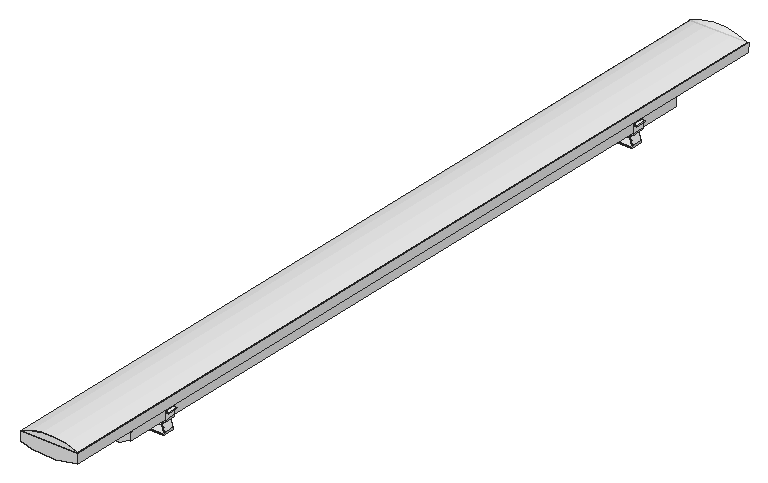
Revit family "Lighting-Industriale-GEWISS-SMART[3]PLUS-HLO-PLAFONIERA-LED_TRANSPARENTE_1600mm", category Apparecchi per illuminazione, host Superficie, Revit 2019
Family settings
  Host = Superficie
  Quota connettore circolare = Usa diametro
  Tipo di parte = Normale
  Taglio con vuoti quando caricato = No
  Sorgente d'illuminazione = Sì
  Condiviso = No
  Punto di calcolo locali = No
Parameters (values of type "GWS3323BT957 - SMART3 PLUS 1600 T.W.DALI HO TRASP 9 57")
  Wattage = 27 W
  Visibilità simbolo [instance] = yes
  Visibilità pianta [instance] = not(Visibilità simbolo)  # no
  Visibilità etichetta [instance] = yes
  Versione file RFA = "20.0"
  Variazione temperatura colore lampada con luminosità attenuata = (empty or 0)
  URL = "https://www.gewiss.com/it/it"
  Tipologia sorgente luminosa = "LED - Non sostituibile"
  Tipologia = "DALI"
  Tipo alimentatore = ""
  Tensione = "220-240 V "
  Temperatura di utilizzo = "-25 +45 °C"
  Temperatura di funzionamento = "-25 +45 °C"
  Temperatura di colore: = "5700 K (CRI > 90)"
  Temperatura di colore = "5700 K (CRI > 90)"
  Schermo = "Trasparente"
  Scheda Tecnica = "https://www.gewiss.com/it/it/search?q=GWS3323BT957"
  SEO = "Plafoniera"
  Resistenza agli urti = "IK08"
  Potenza di sistema = "63 W"
  Peso (kg): = ""
  NÂ° LED (#) = ""
  Numero poli = 2
  built-in parameter 1150107 = 5700 (stored number, unit not read)
  Struttura = GRIGIO
  Stampa 1_200 = no
  Stampa 1_100 = not(Stampa 1_200)  # yes
  Spostamento_Y_etichetta [instance] = 0 mm
  Spostamento_Y_effettivo_etichetta [instance] = 1500 mm - Spostamento_Y_etichetta  # 1500 mm
  Spostamento_X_etichetta [instance] = 0 mm
  Spostamento_X_effettivo_etichetta [instance] = 1500 mm - Spostamento_X_etichetta  # 1500 mm
  Schermo. = Led Acceso
  Default Elevation = 1219.2 mm
  Produttore = "GEWISS S.p.A."
  built-in parameter 1150110 = 1 (stored number, unit not read)
  built-in parameter 1150109 = 1 (stored number, unit not read)
  built-in parameter 1114218 = 1 (stored number, unit not read)
  built-in parameter 1150112 = 1 (stored number, unit not read)
  Modello = "GWS3323BT957"
  built-in parameter 1150137 = (empty or 0)
  built-in parameter 1150132 = (empty or 0)
  Lunghezza Lampada = 1600 mm  # constant formula
  Lunghezza = "1600 mm"
  Lumen output (lm) = "7400"
  Lampada: = "LED"
  Lampada = "LED"
  LED LifeTime (L80B20) = ""
  LED Life time (L90B50) = ""
  LED Life time (L80B50) = ""
  LED Life time (L70) = ""
  built-in parameter 1150105 = 1406.7 (stored number, unit not read)
  built-in parameter 1150102 = (empty or 0)
  Type Image = GWS3280TS.jpg
  built-in parameter 1150106 = 14.067 (stored number, unit not read)
  IFC.TypeObject = ""
  IFC.ExportType = ""
  IFC.ExportAs = ""
  IDT = "a13ebeb2-bfa1-469e-9c7f-0ca841da0dbd"
  IDF = "7ec288e1-885b-4a9d-ba83-87dd9d071491"
  Grado di protezione = "IP66/IP69"
  Glow Wire Test = "850°C"
  Garanzia = "5 anni"
  Ganci = Alluminio
  Flusso nominale (lm) = ""
  Lumens = 4010.63 lm
  Color Filter = 16777215
  File diagramma fotometrico = "GWS3323BT957.IES"
  built-in parameter 1114217 = 1 (stored number, unit not read)
  built-in parameter 1150139 = (empty or 0)
  Failure rate apparecchio (50.000h, Tq=25Â° C) = ""
  Failure rate apparecchio (35.000h, Tq=35Â° C) = ""
  Emetti da lunghezza linea = 1200 mm
  built-in parameter 1150104 = 13.8 (stored number, unit not read)
  built-in parameter 1150115 = 1 (stored number, unit not read)
  built-in parameter 1150114 = 1 (stored number, unit not read)
  built-in parameter 1150113 = 1 (stored number, unit not read)
  Descrizione = "SMART3 PLUS 1600 T.W.DALI HO TRASP 9 57"
  Creato da GEWISS S.p.A. = ""
  Commenti sul wattaggio = "67W"
  built-in parameter 1150134 = (empty or 0)
  built-in parameter 1150138 = (empty or 0)
  Codice Electrocod = "2434"
  Codice EAN = ""
  Classe isolamento = "II"
  Classe di efficienza LED integrati = "A ÷ A++"
  Catalogo Serie = "SMART[3] PLUS HLO"
  Catalogo = "LIGHTING"
  Carico apparente = 67 VA
  COBie.Tagnumber = ""
  COBie.CreatedOn = ""
  COBie.CreatebBy = ""
  COBie.ComponentRegisterItemID = ""
  COBie.Component.TagNumber = ""
  COBie.Component.Space = ""
  COBie.Component.SerialNumber = ""
  COBie.Component.InstallationDate = ""
  COBie.Component.Description = ""
  COBie.Component.BarCode = ""
  Applicazione = "Interno"
  Apparecchio a ridotta temperatura superficiale = ""
  Tilt Angle = -90.00°
  built-in parameter 1150133 = 10 (stored number, unit not read)
Types (24, lengths in mm): name | Tipologia | Temperatura di utilizzo | Temperatura di funzionamento | Temperatura di colore: | Temperatura di colore | Scheda Tecnica | Potenza di sistema | Modello | Lumen output (lm) | Type Image | IDT | File diagramma fotometrico | Descrizione | Commenti sul wattaggio | Carico apparente
  GWS3320BT830 - SMART3 PLUS 1600 ON/OFF HO TRASP 8 30 | "" | "-25 +50 °C" | "-25 +50 °C" | "3000 K (CRI > 80)" | "3000 K (CRI > 80)" | "https://www.gewiss.com/it/it/search?q=GWS3320BT830" | "61 W" | "GWS3320BT830" | "8900" | GWS3158T.jpg | "b0079b79-8369-4f9f-8fe4-9debebf9660d" | "GWS3320BT830.IES" | "SMART3 PLUS 1600 ON/OFF HO TRASP 8 30" | "26W" | 26 VA
  GWS3320BT840 - SMART3 PLUS 1600 ON/OFF HO TRASP 8 40 | "" | "-25 +50 °C" | "-25 +50 °C" | "4000 K (CRI > 80)" | "4000 K (CRI > 80)" | "https://www.gewiss.com/it/it/search?q=GWS3320BT840" | "61 W" | "GWS3320BT840" | "9400" | GWS3158T30K.jpg | "9a1851db-f1a1-4438-9c92-f8493db26ec9" | "GWS3320BT840.IES" | "SMART3 PLUS 1600 ON/OFF HO TRASP 8 40" | "26W" | 26 VA
  GWS3320BT857 - SMART3 PLUS 1600 ON/OFF HO TRASP 8 57 | "" | "-25 +50 °C" | "-25 +50 °C" | "5700 K (CRI > 80)" | "5700 K (CRI > 80)" | "https://www.gewiss.com/it/it/search?q=GWS3320BT857" | "61 W" | "GWS3320BT857" | "9400" | GWS3158T57K.jpg | "eeec67c0-60ce-4958-8122-911c53fbb5b5" | "GWS3320BT857.IES" | "SMART3 PLUS 1600 ON/OFF HO TRASP 8 57" | "26W" | 26 VA
  GWS3321BT940 - SMART3 PLUS 1600 DALI HO TRASP 9 40 | "DALI" | "-25 +45 °C" | "-25 +45 °C" | "4000 K (CRI > 90)" | "4000 K (CRI > 90)" | "https://www.gewiss.com/it/it/search?q=GWS3321BT940" | "63 W" | "GWS3321BT940" | "7400" | GWS3258T.jpg | "dc402284-1089-4e5e-8c85-030915ce9a18" | "GWS3321BT940.IES" | "SMART3 PLUS 1600 DALI HO TRASP 9 40" | "53W" | 53 VA
  GWS3321BT957 - SMART3 PLUS 1600 DALI HO TRASP 9 57 | "DALI" | "-25 +45 °C" | "-25 +45 °C" | "5700 K (CRI > 90)" | "5700 K (CRI > 90)" | "https://www.gewiss.com/it/it/search?q=GWS3321BT957" | "63 W" | "GWS3321BT957" | "7400" | GWS3258T30K.jpg | "b2e9265e-dba8-49a6-97f4-35930fb1e4e2" | "GWS3321BT957.IES" | "SMART3 PLUS 1600 DALI HO TRASP 9 57" | "53W" | 53 VA
  GWS3322BT830 - SMART3 PLUS 1600 T.W.ON/OFF HO TRASP 8 30 | "" | "-25 +50 °C" | "-25 +50 °C" | "3000 K (CRI > 80)" | "3000 K (CRI > 80)" | "https://www.gewiss.com/it/it/search?q=GWS3322BT830" | "61 W" | "GWS3322BT830" | "8900" | GWS3258T57K.jpg | "53b88d0c-b9c7-4cee-9777-43a48b75f0e0" | "GWS3322BT830.IES" | "SMART3 PLUS 1600 T.W.ON/OFF HO TRASP 8 30" | "53W" | 53 VA
  GWS3320BT930 - SMART3 PLUS 1600 ON/OFF HO TRASP 9 30 | "" | "-25 +50 °C" | "-25 +50 °C" | "3000 K (CRI > 90)" | "3000 K (CRI > 90)" | "https://www.gewiss.com/it/it/search?q=GWS3320BT930" | "61 W" | "GWS3320BT930" | "6900" | GWS3158TD30K.jpg | "ed9650e8-c4f8-43a1-8004-49554582e09b" | "GWS3320BT930.IES" | "SMART3 PLUS 1600 ON/OFF HO TRASP 9 30" | "27W" | 27 VA
  GWS3320BT940 - SMART3 PLUS 1600 ON/OFF HO TRASP 9 40 | "" | "-25 +50 °C" | "-25 +50 °C" | "4000 K (CRI > 90)" | "4000 K (CRI > 90)" | "https://www.gewiss.com/it/it/search?q=GWS3320BT940" | "61 W" | "GWS3320BT940" | "7400" | GWS3158TD57K.jpg | "bb0d3ce6-48a2-4b6e-8f45-e92641206c3c" | "GWS3320BT940.IES" | "SMART3 PLUS 1600 ON/OFF HO TRASP 9 40" | "27W" | 27 VA
  GWS3320BT957 - SMART3 PLUS 1600 ON/OFF HO TRASP 9 57 | "" | "-25 +50 °C" | "-25 +50 °C" | "5700 K (CRI > 90)" | "5700 K (CRI > 90)" | "https://www.gewiss.com/it/it/search?q=GWS3320BT957" | "61 W" | "GWS3320BT957" | "7400" | GWS3158TL.jpg | "9f6c2e94-0dd2-4fe7-9189-a0146461a8bf" | "GWS3320BT957.IES" | "SMART3 PLUS 1600 ON/OFF HO TRASP 9 57" | "26W" | 26 VA
  GWS3321BT830 - SMART3 PLUS 1600 DALI HO TRASP 8 30 | "DALI" | "-25 +45 °C" | "-25 +45 °C" | "3000 K (CRI > 80)" | "3000 K (CRI > 80)" | "https://www.gewiss.com/it/it/search?q=GWS3321BT830" | "63 W" | "GWS3321BT830" | "8900" | GWS3158TL30K.jpg | "11cfab41-be45-4c4c-8f75-fb04ec9b0791" | "GWS3321BT830.IES" | "SMART3 PLUS 1600 DALI HO TRASP 8 30" | "26W" | 26 VA
  GWS3321BT840 - SMART3 PLUS 1600 DALI HO TRASP 8 40 | "DALI" | "-25 +45 °C" | "-25 +45 °C" | "4000 K (CRI > 80)" | "4000 K (CRI > 80)" | "https://www.gewiss.com/it/it/search?q=GWS3321BT840" | "63 W" | "GWS3321BT840" | "9400" | GWS3158TL57K.jpg | "1a4c49c0-1724-4dfe-be99-e3bbbc972556" | "GWS3321BT840.IES" | "SMART3 PLUS 1600 DALI HO TRASP 8 40" | "26W" | 26 VA
  GWS3321BT857 - SMART3 PLUS 1600 DALI HO TRASP 8 57 | "DALI" | "-25 +45 °C" | "-25 +45 °C" | "5700 K (CRI > 80)" | "5700 K (CRI > 80)" | "https://www.gewiss.com/it/it/search?q=GWS3321BT857" | "63 W" | "GWS3321BT857" | "9400" | GWS3158TLD30K.jpg | "f268c210-ca57-4ba1-bfb6-efa02569eca4" | "GWS3321BT857.IES" | "SMART3 PLUS 1600 DALI HO TRASP 8 57" | "27W" | 27 VA
  GWS3321BT930 - SMART3 PLUS 1600 DALI HO TRASP 9 30 | "DALI" | "-25 +45 °C" | "-25 +45 °C" | "3000 K (CRI > 90)" | "3000 K (CRI > 90)" | "https://www.gewiss.com/it/it/search?q=GWS3321BT930" | "63 W" | "GWS3321BT930" | "6900" | GWS3158TLD57K.jpg | "94f77843-f845-4848-bb1d-f4fa44f382e0" | "GWS3321BT930.IES" | "SMART3 PLUS 1600 DALI HO TRASP 9 30" | "27W" | 27 VA
  GWS3322BT840 - SMART3 PLUS 1600 T.W.ON/OFF HO TRASP 8 40 | "" | "-25 +50 °C" | "-25 +50 °C" | "4000 K (CRI > 80)" | "4000 K (CRI > 80)" | "https://www.gewiss.com/it/it/search?q=GWS3322BT840" | "61 W" | "GWS3322BT840" | "9400" | GWS3258TD.jpg | "c6ab74c4-55ed-4fa7-b23a-1e63dab77edf" | "GWS3322BT840.IES" | "SMART3 PLUS 1600 T.W.ON/OFF HO TRASP 8 40" | "55W" | 55 VA
  GWS3322BT857 - SMART3 PLUS 1600 T.W.ON/OFF HO TRASP 8 57 | "" | "-25 +50 °C" | "-25 +50 °C" | "5700 K (CRI > 80)" | "5700 K (CRI > 80)" | "https://www.gewiss.com/it/it/search?q=GWS3322BT857" | "61 W" | "GWS3322BT857" | "9400" | GWS3258T30K.jpg | "3fca0ca6-b59a-4e01-bd8a-934825641baa" | "GWS3322BT857.IES" | "SMART3 PLUS 1600 T.W.ON/OFF HO TRASP 8 57" | "55W" | 55 VA
  GWS3322BT930 - SMART3 PLUS 1600 T.W.ON/OFF HO TRASP 9 30 | "" | "-25 +50 °C" | "-25 +50 °C" | "3000 K (CRI > 90)" | "3000 K (CRI > 90)" | "https://www.gewiss.com/it/it/search?q=GWS3322BT930" | "61 W" | "GWS3322BT930" | "6900" | GWS3258TD57K.jpg | "dd6e494e-26b2-4e72-b5b8-859184e14134" | "GWS3322BT930.IES" | "SMART3 PLUS 1600 T.W.ON/OFF HO TRASP 9 30" | "55W" | 55 VA
  GWS3322BT940 - SMART3 PLUS 1600 T.W.ON/OFF HO TRASP 9 40 | "" | "-25 +50 °C" | "-25 +50 °C" | "4000 K (CRI > 90)" | "4000 K (CRI > 90)" | "https://www.gewiss.com/it/it/search?q=GWS3322BT940" | "61 W" | "GWS3322BT940" | "7400" | GWS3258TL.jpg | "3254678e-5380-4d1c-930b-c5806fa3b8b9" | "GWS3322BT940.IES" | "SMART3 PLUS 1600 T.W.ON/OFF HO TRASP 9 40" | "53W" | 53 VA
  GWS3322BT957 - SMART3 PLUS 1600 T.W.ON/OFF HO TRASP 9 57 | "" | "-25 +50 °C" | "-25 +50 °C" | "5700 K (CRI > 90)" | "5700 K (CRI > 90)" | "https://www.gewiss.com/it/it/search?q=GWS3322BT957" | "61 W" | "GWS3322BT957" | "7400" | GWS3258TL30K.jpg | "9f16eb00-b215-4a4f-a3a2-428ba3106904" | "GWS3322BT957.IES" | "SMART3 PLUS 1600 T.W.ON/OFF HO TRASP 9 57" | "53W" | 53 VA
  GWS3323BT840 - SMART3 PLUS 1600 T.W.DALI HO TRASP 8 40 | "DALI" | "-25 +45 °C" | "-25 +45 °C" | "4000 K (CRI > 80)" | "4000 K (CRI > 80)" | "https://www.gewiss.com/it/it/search?q=GWS3323BT840" | "63 W" | "GWS3323BT840" | "9400" | GWS3258TL57K.jpg | "00ac1099-2d80-43df-8815-37ae56ec2799" | "GWS3323BT840.IES" | "SMART3 PLUS 1600 T.W.DALI HO TRASP 8 40" | "53W" | 53 VA
  GWS3323BT857 - SMART3 PLUS 1600 T.W.DALI HO TRASP 8 57 | "DALI" | "-25 +45 °C" | "-25 +45 °C" | "5700 K (CRI > 80)" | "5700 K (CRI > 80)" | "https://www.gewiss.com/it/it/search?q=GWS3323BT857" | "63 W" | "GWS3323BT857" | "9400" | GWS3258TLD.jpg | "018840e2-9261-4cc1-b395-03f94b60a42d" | "GWS3323BT857.IES" | "SMART3 PLUS 1600 T.W.DALI HO TRASP 8 57" | "55W" | 55 VA
  GWS3323BT830 - SMART3 PLUS 1600 T.W.DALI HO TRASP 8 30 | "DALI" | "-25 +45 °C" | "-25 +45 °C" | "3000 K (CRI > 80)" | "3000 K (CRI > 80)" | "https://www.gewiss.com/it/it/search?q=GWS3323BT830" | "63 W" | "GWS3323BT830" | "8900" | GWS3258TLD30K.jpg | "64fdabeb-dcf9-40d4-9ad4-a0ec6bd7085a" | "GWS3323BT830.IES" | "SMART3 PLUS 1600 T.W.DALI HO TRASP 8 30" | "55W" | 55 VA
  GWS3323BT930 - SMART3 PLUS 1600 T.W.DALI HO TRASP 9 30 | "DALI" | "-25 +45 °C" | "-25 +45 °C" | "3000 K (CRI > 90)" | "3000 K (CRI > 90)" | "https://www.gewiss.com/it/it/search?q=GWS3323BT930" | "63 W" | "GWS3323BT930" | "6900" | GWS3258TLD57K.jpg | "13b61dfd-d401-4fab-93ea-d6665886125d" | "GWS3323BT930.IES" | "SMART3 PLUS 1600 T.W.DALI HO TRASP 9 30" | "55W" | 55 VA
  GWS3323BT957 - SMART3 PLUS 1600 T.W.DALI HO TRASP 9 57 | "DALI" | "-25 +45 °C" | "-25 +45 °C" | "5700 K (CRI > 90)" | "5700 K (CRI > 90)" | "https://www.gewiss.com/it/it/search?q=GWS3323BT957" | "63 W" | "GWS3323BT957" | "7400" | GWS3280TS.jpg | "a13ebeb2-bfa1-469e-9c7f-0ca841da0dbd" | "GWS3323BT957.IES" | "SMART3 PLUS 1600 T.W.DALI HO TRASP 9 57" | "67W" | 67 VA
  GWS3323BT940 - SMART3 PLUS 1600 T.W.DALI HO TRASP 9 40 | "DALI" | "-25 +45 °C" | "-25 +45 °C" | "4000 K (CRI > 90)" | "4000 K (CRI > 90)" | "https://www.gewiss.com/it/it/search?q=GWS3323BT940" | "63 W" | "GWS3323BT940" | "7400" | GWS3280TLS.jpg | "8f0fe8ef-681c-4f9c-983c-9044f5079dc8" | "GWS3323BT940.IES" | "SMART3 PLUS 1600 T.W.DALI HO TRASP 9 40" | "67W" | 67 VA
Reference planes
  plane 1 "Centro (Fronte/Retro)": y = 0
  plane 2: z = 0
  plane 3 "Centro (Sinistra/Destra)": x = 0
  plane 4: x = -1500
  plane 5: y = -1500
  plane 6: x = 0
  plane 7: y = 0
Forms (mm)
  Extrusion 1, solid, material "Alluminio" <- "Ganci", detail levels medium+fine
    sketch origin (0, 0, 0) x (1, 0, 0) y (0, 0, 1)
      loop
        arc (31.431, -0.002) -> (34.576, 1.589) -> (35.156, 5.066) r 3.903
        line (35.156, 5.066) -> (29.612, 23.211)
        arc (29.612, 23.211) -> (29.883, 24.381) -> (31.032, 24.73) r 1.2
        line (31.032, 24.73) -> (34.307, 23.974)
        arc (34.307, 23.974) -> (36.765, 24.53) -> (37.859, 26.8) r 2.9
        line (37.859, 26.8) -> (37.859, 38.8)
        arc (37.859, 38.8) -> (37.648, 39.694) -> (37.059, 40.4) r 2
        line (37.059, 40.4) -> (37.059, 42.71) -> (42.861, 40.598) -> (43.203, 41.538) -> (37.53, 43.603)
        arc (37.53, 43.603) -> (37.019, 43.613) -> (36.605, 43.311) r 0.8
        line (36.605, 43.311) -> (36.306, 26.139)
        arc (36.306, 26.139) -> (35.6, 25.444) -> (34.616, 25.34) r 1.5
        line (34.616, 25.34) -> (31.344, 26.095)
        arc (31.344, 26.095) -> (28.858, 25.335) -> (28.273, 22.802) r 2.6
        line (28.273, 22.802) -> (33.827, 4.636)
        arc (33.827, 4.636) -> (33.449, 2.415) -> (31.438, 1.4) r 2.5
        line (31.438, 1.4) -> (-31.437, 1.4)
        arc (-31.437, 1.4) -> (-33.449, 2.415) -> (-33.827, 4.636) r 2.5
        line (-33.827, 4.636) -> (-28.273, 22.802)
        arc (-28.273, 22.802) -> (-28.858, 25.335) -> (-31.344, 26.095) r 2.6
        line (-31.344, 26.095) -> (-34.616, 25.34)
        arc (-34.616, 25.34) -> (-35.6, 25.444) -> (-36.306, 26.139) r 1.5
        line (-36.306, 26.139) -> (-36.605, 43.311)
        arc (-36.605, 43.311) -> (-37.019, 43.613) -> (-37.53, 43.603) r 0.8
        line (-37.53, 43.603) -> (-43.203, 41.538) -> (-42.861, 40.598) -> (-37.059, 42.71) -> (-37.059, 40.4)
        arc (-37.059, 40.4) -> (-37.648, 39.694) -> (-37.859, 38.8) r 2
        line (-37.859, 38.8) -> (-37.859, 26.8)
        arc (-37.859, 26.8) -> (-36.765, 24.53) -> (-34.307, 23.974) r 2.9
        line (-34.307, 23.974) -> (-31.032, 24.73)
        arc (-31.032, 24.73) -> (-29.883, 24.381) -> (-29.612, 23.211) r 1.2
        line (-29.612, 23.211) -> (-35.156, 5.066)
        arc (-35.156, 5.066) -> (-34.576, 1.589) -> (-31.431, -0.002) r 3.903
        line (-31.431, -0.002) -> (31.431, -0.002)
    from 548.766 to 568.766
  Extrusion 2, solid, material "Alluminio" <- "Ganci", detail levels medium+fine
    sketch origin (0, 0, 0) x (1, 0, 0) y (0, 0, -1)
      loop
        line (31.431, 0.002) -> (-31.431, 0.002)
        arc (-31.431, 0.002) -> (-34.576, -1.589) -> (-35.156, -5.066) r 3.903
        line (-35.156, -5.066) -> (-29.612, -23.211)
        arc (-29.612, -23.211) -> (-29.883, -24.381) -> (-31.032, -24.73) r 1.2
        line (-31.032, -24.73) -> (-34.307, -23.974)
        arc (-34.307, -23.974) -> (-36.765, -24.53) -> (-37.859, -26.8) r 2.9
        line (-37.859, -26.8) -> (-37.859, -38.8)
        arc (-37.859, -38.8) -> (-37.648, -39.694) -> (-37.059, -40.4) r 2
        line (-37.059, -40.4) -> (-37.059, -42.71) -> (-42.861, -40.598) -> (-43.203, -41.538) -> (-37.53, -43.603)
        arc (-37.53, -43.603) -> (-37.019, -43.613) -> (-36.605, -43.311) r 0.8
        line (-36.605, -43.311) -> (-36.306, -26.139)
        arc (-36.306, -26.139) -> (-35.6, -25.444) -> (-34.616, -25.34) r 1.5
        line (-34.616, -25.34) -> (-31.344, -26.095)
        arc (-31.344, -26.095) -> (-28.858, -25.335) -> (-28.273, -22.802) r 2.6
        line (-28.273, -22.802) -> (-33.827, -4.636)
        arc (-33.827, -4.636) -> (-33.449, -2.415) -> (-31.437, -1.4) r 2.5
        line (-31.437, -1.4) -> (31.438, -1.4)
        arc (31.438, -1.4) -> (33.449, -2.415) -> (33.827, -4.636) r 2.5
        line (33.827, -4.636) -> (28.273, -22.802)
        arc (28.273, -22.802) -> (28.858, -25.335) -> (31.344, -26.095) r 2.6
        line (31.344, -26.095) -> (34.616, -25.34)
        arc (34.616, -25.34) -> (35.6, -25.444) -> (36.306, -26.139) r 1.5
        line (36.306, -26.139) -> (36.605, -43.311)
        arc (36.605, -43.311) -> (37.019, -43.613) -> (37.53, -43.603) r 0.8
        line (37.53, -43.603) -> (43.203, -41.538) -> (42.861, -40.598) -> (37.059, -42.71) -> (37.059, -40.4)
        arc (37.059, -40.4) -> (37.648, -39.694) -> (37.859, -38.8) r 2
        line (37.859, -38.8) -> (37.859, -26.8)
        arc (37.859, -26.8) -> (36.765, -24.53) -> (34.307, -23.974) r 2.9
        line (34.307, -23.974) -> (31.032, -24.73)
        arc (31.032, -24.73) -> (29.883, -24.381) -> (29.612, -23.211) r 1.2
        line (29.612, -23.211) -> (35.156, -5.066)
        arc (35.156, -5.066) -> (34.576, -1.589) -> (31.431, 0.002) r 3.903
    from 548.766 to 568.766
  Extrusion 3, solid, material "GRIGIO" <- "Struttura", detail levels medium+fine
    sketch origin (0, 0, 0) x (1, 0, 0) y (0, 0, 1)
      loop
        line (-36.331, 55.757) -> (-35.847, 28.018)
        arc (-35.847, 28.018) -> (-33.139, 27.27) -> (-30.416, 26.58) r 129.5
        arc (-30.416, 26.58) -> (-28.066, 25.76) -> (-25.915, 24.506) r 13
        arc (-25.915, 24.506) -> (-24.23, 23.324) -> (-22.521, 22.178) r 99.5
        arc (-22.521, 22.178) -> (-16.401, 19.063) -> (-9.748, 17.365) r 31.146
        line (-9.748, 17.365) -> (12.491, 17.365)
        arc (12.491, 17.365) -> (17.822, 19.098) -> (22.764, 21.745) r 31.646
        arc (22.764, 21.745) -> (24.509, 22.915) -> (26.228, 24.122) r 100
        arc (26.228, 24.122) -> (28.283, 25.313) -> (30.525, 26.095) r 12.5
        arc (30.525, 26.095) -> (33.437, 26.834) -> (36.332, 27.64) r 130
        line (36.332, 27.64) -> (36.824, 55.851)
        arc (36.824, 55.851) -> (24.914, 53.937) -> (12.909, 52.764) r 195.047
        line (12.909, 52.764) -> (-12.909, 52.764)
        arc (-12.909, 52.764) -> (-24.665, 53.905) -> (-36.331, 55.757) r 195.047
    from -650 to 650
  Extrusion 4, solid, material "GRIGIO" <- "Struttura", detail levels medium+fine
    sketch origin (0, 0, 0) x (1, 0, 0) y (0, 0, 1)
      loop
        line (54.725, 60.184) -> (55.177, 77.445) -> (-55.177, 77.445) -> (-54.725, 60.184)
        arc (-54.725, 60.184) -> (-34.019, 55.332) -> (-12.909, 52.764) r 195.047
        line (-12.909, 52.764) -> (12.909, 52.764)
        arc (12.909, 52.764) -> (34.019, 55.332) -> (54.725, 60.184) r 195.047
    from -800 to 800
  Extrusion 5, solid, material "Led Acceso" <- "Schermo.", detail levels medium+fine
    sketch origin (0, 0, 0) x (1, 0, 0) y (0, 0, 1)
      loop
        arc (54.697, 78.441) -> (-0.014, 90.457) -> (-54.723, 78.429) r 130.5
        arc (-54.723, 78.429) -> (-54.988, 77.838) -> (-54.5, 77.445) r 0.5
        line (-54.5, 77.445) -> (54.479, 77.445)
        arc (54.479, 77.445) -> (54.988, 77.855) -> (54.697, 78.441) r 0.522
    from -800 to 800
  Extrusion 6, solid, material "GRIGIO" <- "Struttura", detail levels coarse
    sketch origin (0, 0, 0) x (1, 0, 0) y (0, 0, 1)
      loop
        line (-54.5, 90.439) -> (-54.5, 0) -> (54.5, 0) -> (54.5, 90.439) -> (-54.5, 90.439)
    from -800 to 800
Lines and regions (mm)
  Masking region 1, visible <- "Visibilità pianta"
    outline origin (0, 0, 0) x (1, 0, 0) y (0, 1, 0)
      loop
        line (-55.177, 800) -> (-55.177, -800) -> (55.177, -800) -> (55.177, 800) -> (-55.177, 800)
  model lines, style "GEWISS - LIGHT 2D", not visible, detail levels medium+fine
    curve 1: arc (599.156, 237.359, 0) -> (604.568, 231.947, 0) -> (609.98, 237.359, 0) r 5.412
    curve 6: arc (581.804, 237.359, 0) -> (582.83, 230.601, 0) -> (585.816, 224.453, 0) r 22.764
    curve 7: arc (623.32, 224.453, 0) -> (626.306, 230.601, 0) -> (627.332, 237.359, 0) r 22.764
    curve 8: arc (609.98, -154.35, 0) -> (604.568, -148.937, 0) -> (599.156, -154.35, 0) r 5.412
    curve 14: arc (585.816, -141.444, 0) -> (582.83, -147.592, 0) -> (581.804, -154.35, 0) r 22.764
    curve 15: arc (627.332, -154.35, 0) -> (626.306, -147.592, 0) -> (623.32, -141.444, 0) r 22.764
    curve 22: line (581.804, 248.502, 0) -> (581.804, 237.359, 0)
    curve 23: line (581.804, 237.359, 0) -> (599.156, 237.359, 0)
    curve 24: line (599.156, 237.359, 0) -> (599.156, 248.502, 0)
    curve 25: line (599.156, 256.809, 0) -> (599.156, 262.193, 0)
    curve 26: line (609.98, 248.502, 0) -> (609.98, 237.359, 0)
    curve 27: line (609.98, 237.359, 0) -> (627.332, 237.359, 0)
    curve 28: line (627.332, 237.359, 0) -> (627.332, 248.502, 0)
    curve 39: line (581.804, -154.35, 0) -> (581.804, -165.498, 0)
    curve 40: line (581.804, -165.498, 0) -> (581.804, -154.35, 0)
    curve 41: line (581.804, -154.35, 0) -> (599.156, -154.35, 0)
    curve 42: line (599.156, -154.35, 0) -> (599.156, -165.498, 0)
    curve 43: line (609.98, -165.498, 0) -> (609.98, -154.35, 0)
    curve 44: line (609.98, -154.35, 0) -> (627.332, -154.35, 0)
    curve 45: line (627.332, -154.35, 0) -> (627.332, -165.498, 0)
    curve 46: line (627.332, -165.498, 0) -> (627.332, -154.35, 0)
    curve 47: line (609.98, -179.249, 0) -> (609.98, -173.749, 0)
    curve 50: line (599.156, -179.191, 0) -> (599.156, -173.807, 0)
    curve 94: circle (617.836, 259.501, 0) r 1.5 normal (0, 0, 1)
    curve 95: circle (591.836, 259.501, 0) r 1.5 normal (0, 0, 1)
    curve 96: arc (610.218, 256.751, 0) -> (612.968, 259.501, 0) -> (610.218, 262.251, 0) r 2.75
    curve 97: arc (599.718, 262.251, 0) -> (596.968, 259.501, 0) -> (599.718, 256.751, 0) r 2.75
    curve 102: circle (617.836, -176.499, 0) r 1.5 normal (0, 0, 1)
    curve 103: circle (591.836, -176.499, 0) r 1.5 normal (0, 0, 1)
    curve 104: arc (610.218, -179.249, 0) -> (612.968, -176.499, 0) -> (610.218, -173.749, 0) r 2.75
    curve 105: arc (599.718, -173.749, 0) -> (596.968, -176.499, 0) -> (599.718, -179.249, 0) r 2.75
    curve 184: line (599.718, 262.251, 0) -> (610.218, 262.251, 0)
    curve 185: line (599.718, 256.751, 0) -> (610.218, 256.751, 0)
    curve 194: line (599.718, -173.749, 0) -> (610.218, -173.749, 0)
    curve 195: line (599.718, -179.249, 0) -> (610.218, -179.249, 0)
    curve 214: line (604.568, 230.323, 0) -> (604.568, 244.394, 0)
    curve 215: line (611.603, 237.359, 0) -> (597.532, 237.359, 0)
    curve 216: line (604.568, -161.385, 0) -> (604.568, -147.314, 0)
    curve 217: line (611.603, -154.35, 0) -> (597.532, -154.35, 0)
    curve 223: line (617.836, 257.551, 0) -> (617.836, 261.451, 0)
    curve 224: line (619.786, 259.501, 0) -> (615.886, 259.501, 0)
    curve 225: line (591.836, 257.551, 0) -> (591.836, 261.451, 0)
    curve 226: line (593.786, 259.501, 0) -> (589.886, 259.501, 0)
    curve 227: line (603.293, 259.501, 0) -> (596.143, 259.501, 0)
    curve 228: line (610.218, 255.926, 0) -> (610.218, 263.076, 0)
    curve 229: line (613.793, 259.501, 0) -> (606.643, 259.501, 0)
    curve 230: line (617.836, -178.449, 0) -> (617.836, -174.549, 0)
    curve 231: line (619.786, -176.499, 0) -> (615.886, -176.499, 0)
    curve 232: line (591.836, -178.449, 0) -> (591.836, -174.549, 0)
    curve 233: line (593.786, -176.499, 0) -> (589.886, -176.499, 0)
    curve 234: line (599.718, -180.074, 0) -> (599.718, -172.924, 0)
    curve 235: line (603.293, -176.499, 0) -> (596.143, -176.499, 0)
    curve 236: line (610.218, -180.074, 0) -> (610.218, -172.924, 0)
    curve 237: line (613.793, -176.499, 0) -> (606.643, -176.499, 0)
    curve 238: arc (585.816, 224.453, 0) -> (604.568, 218.168, 0) -> (623.32, 224.453, 0) r 31.118
    curve 239: arc (623.32, -141.444, 0) -> (604.568, -135.159, 0) -> (585.816, -141.444, 0) r 31.118
  model lines, style "GEWISS - LIGHT 2D", not visible
    curve 2: arc (642.177, 315.223, 0) -> (641.755, 316.267, 0) -> (640.725, 316.723, 0) r 1.499
    curve 3: arc (640.726, -233.714, 0) -> (641.755, -233.258, 0) -> (642.177, -232.214, 0) r 1.499
    curve 4: arc (568.41, 316.723, 0) -> (567.381, 316.267, 0) -> (566.959, 315.223, 0) r 1.499
    curve 5: arc (566.959, -232.214, 0) -> (567.38, -233.258, 0) -> (568.409, -233.714, 0) r 1.499
    curve 16: line (568.41, 316.723, 0) -> (592.409, 317.119, 0)
    curve 17: line (592.409, 317.119, 0) -> (595.819, 317.196, 0)
    curve 18: line (595.819, 317.196, 0) -> (604.587, 317.348, 0)
    curve 19: line (604.587, 317.348, 0) -> (613.319, 317.196, 0)
    curve 20: line (613.319, 317.196, 0) -> (616.729, 317.119, 0)
    curve 21: line (616.729, 317.119, 0) -> (640.725, 316.723, 0)
    curve 29: line (568.409, -233.714, 0) -> (604.582, -234.348, 0)
    curve 30: line (604.582, -234.348, 0) -> (640.726, -233.714, 0)
    curve 31: line (642.177, -187.498, 0) -> (642.177, -232.214, 0)
    curve 32: line (642.177, 248.502, 0) -> (642.177, -165.498, 0)
    curve 33: line (642.177, 315.223, 0) -> (642.177, 270.502, 0)
    curve 34: line (566.959, 315.223, 0) -> (566.959, 270.502, 0)
    curve 35: line (566.959, 248.502, 0) -> (566.959, -165.498, 0)
    curve 36: line (566.959, -187.498, 0) -> (566.959, -232.214, 0)
    curve 37: line (604.549, -234.347, 0) -> (604.569, -233.348, 0)
    curve 38: line (604.569, -233.348, 0) -> (604.549, -234.347, 0)
    curve 48: line (609.989, -233.253, 0) -> (609.98, -232.753, 0)
    curve 49: line (609.98, -232.753, 0) -> (609.98, -187.498, 0)
    curve 51: line (599.147, -233.253, 0) -> (599.156, -232.753, 0)
    curve 52: line (599.156, -232.753, 0) -> (599.156, -187.498, 0)
    curve 53: line (604.568, -232.848, 0) -> (604.569, -233.348, 0)
    curve 54: line (604.569, -233.348, 0) -> (604.568, -232.848, 0)
    curve 69: arc (658.224, 441.447, 0) -> (657.902, 441.529, 0) -> (657.571, 441.558, 0) r 1.999
    curve 71: arc (659.744, 439.503, 0) -> (659.172, 440.906, 0) -> (657.781, 441.505, 0) r 1.998
    curve 72: arc (549.391, -356.494, 0) -> (549.963, -357.897, 0) -> (551.356, -358.495, 0) r 1.998
    curve 98: spline (648.539, 268.506, 0) -> (648.523, 268.767, 0) -> (648.475, 269.023, 0) -> (648.396, 269.27, 0) -> (648.287, 269.504, 0) -> (648.151, 269.721, 0) -> (647.989, 269.918, 0) -> (647.804, 270.09, 0) -> (647.599, 270.235, 0) -> (647.379, 270.35, 0) -> (647.146, 270.434, 0) -> (646.905, 270.485, 0) -> (646.66, 270.502, 0)
    curve 99: spline (646.66, 248.502, 0) -> (646.905, 248.519, 0) -> (647.146, 248.57, 0) -> (647.379, 248.654, 0) -> (647.599, 248.77, 0) -> (647.804, 248.916, 0) -> (647.989, 249.089, 0) -> (648.151, 249.286, 0) -> (648.287, 249.504, 0) -> (648.396, 249.739, 0) -> (648.475, 249.987, 0) -> (648.523, 250.245, 0) -> (648.539, 250.506, 0)
    curve 100: spline (561.397, 250.501, 0) -> (561.413, 250.24, 0) -> (561.461, 249.984, 0) -> (561.54, 249.736, 0) -> (561.648, 249.502, 0) -> (561.785, 249.284, 0) -> (561.947, 249.087, 0) -> (562.132, 248.915, 0) -> (562.336, 248.77, 0) -> (562.557, 248.654, 0) -> (562.79, 248.57, 0) -> (563.031, 248.519, 0) -> (563.276, 248.502, 0)
    curve 101: spline (563.276, 270.502, 0) -> (563.031, 270.485, 0) -> (562.79, 270.434, 0) -> (562.557, 270.35, 0) -> (562.336, 270.234, 0) -> (562.132, 270.089, 0) -> (561.947, 269.916, 0) -> (561.785, 269.72, 0) -> (561.648, 269.502, 0) -> (561.54, 269.267, 0) -> (561.461, 269.019, 0) -> (561.413, 268.763, 0) -> (561.397, 268.502, 0)
    curve 106: spline (648.539, -167.494, 0) -> (648.523, -167.233, 0) -> (648.475, -166.977, 0) -> (648.396, -166.73, 0) -> (648.287, -166.496, 0) -> (648.151, -166.279, 0) -> (647.989, -166.083, 0) -> (647.804, -165.911, 0) -> (647.599, -165.766, 0) -> (647.379, -165.65, 0) -> (647.146, -165.566, 0) -> (646.905, -165.515, 0) -> (646.66, -165.498, 0)
    curve 107: spline (646.66, -187.498, 0) -> (646.905, -187.481, 0) -> (647.146, -187.43, 0) -> (647.379, -187.346, 0) -> (647.599, -187.23, 0) -> (647.804, -187.084, 0) -> (647.989, -186.911, 0) -> (648.151, -186.714, 0) -> (648.287, -186.496, 0) -> (648.396, -186.261, 0) -> (648.475, -186.012, 0) -> (648.523, -185.755, 0) -> (648.539, -185.494, 0)
    curve 108: spline (561.397, -185.499, 0) -> (561.413, -185.76, 0) -> (561.461, -186.016, 0) -> (561.54, -186.264, 0) -> (561.648, -186.498, 0) -> (561.785, -186.716, 0) -> (561.947, -186.912, 0) -> (562.132, -187.085, 0) -> (562.336, -187.23, 0) -> (562.557, -187.346, 0) -> (562.79, -187.43, 0) -> (563.031, -187.481, 0) -> (563.276, -187.498, 0)
    curve 109: spline (563.276, -165.498, 0) -> (563.031, -165.516, 0) -> (562.79, -165.567, 0) -> (562.557, -165.651, 0) -> (562.336, -165.766, 0) -> (562.132, -165.912, 0) -> (561.947, -166.084, 0) -> (561.785, -166.281, 0) -> (561.648, -166.499, 0) -> (561.54, -166.733, 0) -> (561.461, -166.981, 0) -> (561.413, -167.238, 0) -> (561.397, -167.499, 0)
    curve 110: arc (657.245, -358.546, 0) -> (659.012, -357.814, 0) -> (659.745, -356.046, 0) r 2.5
    curve 111: arc (551.891, 441.558, 0) -> (550.123, 440.825, 0) -> (549.391, 439.058, 0) r 2.5
    curve 142: line (657.571, 441.558, 0) -> (604.567, 441.558, 0)
    curve 143: line (604.567, 441.558, 0) -> (551.891, 441.558, 0)
    curve 144: line (551.356, -358.495, 0) -> (604.568, -358.495, 0)
    curve 145: line (604.568, -358.495, 0) -> (657.245, -358.495, 0)
    curve 157: line (599.147, -233.253, 0) -> (604.569, -233.348, 0)
    curve 158: line (604.569, -233.348, 0) -> (609.989, -233.253, 0)
    curve 159: line (659.745, -356.046, 0) -> (659.745, 439.503, 0)
    curve 160: line (657.781, 441.505, 0) -> (604.567, 441.505, 0)
    curve 161: line (549.391, -356.494, 0) -> (549.391, 439.058, 0)
    curve 186: line (642.696, 270.501, 0) -> (642.427, 270.501, 0)
    curve 187: line (563.481, 270.502, 0) -> (563.276, 270.502, 0)
    curve 188: line (563.276, 270.502, 0) -> (646.454, 270.502, 0)
    curve 189: line (646.454, 270.502, 0) -> (646.66, 270.502, 0)
    curve 190: line (563.481, 248.502, 0) -> (563.276, 248.502, 0)
    curve 191: line (646.454, 248.502, 0) -> (646.66, 248.502, 0)
    curve 192: line (648.539, 250.506, 0) -> (648.539, 268.506, 0)
    curve 193: line (561.397, 250.501, 0) -> (561.397, 268.501, 0)
    curve 196: line (646.66, -165.498, 0) -> (646.454, -165.498, 0)
    curve 197: line (646.454, -165.498, 0) -> (642.696, -165.498, 0)
    curve 198: line (642.696, -165.498, 0) -> (642.427, -165.498, 0)
    curve 199: line (642.427, -165.498, 0) -> (639.905, -165.498, 0)
    curve 200: line (639.905, -165.498, 0) -> (636.805, -165.498, 0)
    curve 201: line (636.805, -165.498, 0) -> (573.13, -165.498, 0)
    curve 202: line (573.13, -165.498, 0) -> (570.031, -165.498, 0)
    curve 203: line (570.031, -165.498, 0) -> (567.508, -165.498, 0)
    curve 204: line (567.508, -165.498, 0) -> (567.24, -165.498, 0)
    curve 205: line (567.24, -165.498, 0) -> (563.481, -165.498, 0)
    curve 206: line (563.481, -165.498, 0) -> (563.276, -165.498, 0)
    curve 207: line (563.276, -187.498, 0) -> (563.481, -187.498, 0)
    curve 208: line (563.481, -187.498, 0) -> (646.454, -187.498, 0)
    curve 209: line (646.454, -187.498, 0) -> (646.66, -187.498, 0)
    curve 210: line (642.696, -187.499, 0) -> (642.427, -187.499, 0)
    curve 211: line (648.539, -185.494, 0) -> (648.539, -167.494, 0)
    curve 212: line (561.397, -185.499, 0) -> (561.397, -167.499, 0)
    curve 219: line (604.569, 276.529, 0) -> (604.569, -193.52, 0)
    curve 240: line (646.454, 248.502, 0) -> (563.276, 248.502, 0)
  model lines, style "GEWISS - LIGHT 2D", not visible, detail levels fine
    curve 9: arc (621.884, 350.407, 0) -> (621.798, 350.225, 0) -> (621.768, 350.027, 0) r 0.678
    curve 10: arc (622.621, 351.453, 0) -> (622.246, 350.935, 0) -> (621.884, 350.407, 0) r 25.107
    curve 11: arc (623.611, 352.703, 0) -> (623.106, 352.086, 0) -> (622.621, 351.453, 0) r 25.491
    curve 12: arc (626.634, 356.042, 0) -> (625.055, 354.434, 0) -> (623.611, 352.703, 0) r 27.8
    curve 13: arc (628.933, 357.976, 0) -> (627.762, 357.034, 0) -> (626.634, 356.042, 0) r 34.286
    curve 55: line (595.819, 317.196, 0) -> (595.819, 331.194, 0)
    curve 56: line (595.819, 331.194, 0) -> (595.823, 331.698, 0)
    curve 57: line (613.319, 317.196, 0) -> (613.319, 331.194, 0)
    curve 58: line (613.319, 331.194, 0) -> (613.315, 331.698, 0)
    curve 59: line (601.188, 333.427, 0) -> (595.819, 333.381, 0)
    curve 60: line (595.819, 333.381, 0) -> (592.551, 333.351, 0)
    curve 61: line (621.768, 349.976, 0) -> (621.768, 349.703, 0)
    curve 62: line (618.568, 339.703, 0) -> (618.568, 340.003, 0)
    curve 63: line (618.568, 340.003, 0) -> (618.568, 349.403, 0)
    curve 64: line (618.568, 349.403, 0) -> (618.568, 349.703, 0)
    curve 65: line (626.634, 356.042, 0) -> (625.666, 357.327, 0)
    curve 66: line (625.666, 357.327, 0) -> (625.303, 357.809, 0)
    curve 67: arc (615.276, 335.364, 0) -> (616.055, 336.638, 0) -> (614.919, 337.608, 0) r 1.15
    curve 68: arc (594.228, 337.608, 0) -> (593.084, 336.643, 0) -> (593.862, 335.364, 0) r 1.15
    curve 70: arc (618.493, 319.316, 0) -> (619.321, 319.921, 0) -> (619.181, 320.937, 0) r 1
    curve 73: arc (592.532, 331.227, 0) -> (592.389, 331.582, 0) -> (592.037, 331.731, 0) r 0.5
    curve 74: arc (617.101, 331.731, 0) -> (616.749, 331.582, 0) -> (616.606, 331.227, 0) r 0.5
    curve 75: arc (617.805, 349.703, 0) -> (617.188, 349.635, 0) -> (616.597, 349.441, 0) r 3
    curve 76: arc (606.569, 342.058, 0) -> (605.632, 343.753, 0) -> (603.698, 343.859, 0) r 2
    curve 77: arc (599.084, 344.854, 0) -> (601.221, 343.569, 0) -> (603.698, 343.859, 0) r 3.86
    curve 78: arc (598.376, 346.791, 0) -> (598.558, 345.76, 0) -> (599.084, 344.854, 0) r 3
    curve 79: arc (605.757, 349.962, 0) -> (611.115, 348.406, 0) -> (616.597, 349.441, 0) r 12
    curve 80: arc (622.068, 349.403, 0) -> (621.98, 349.615, 0) -> (621.768, 349.703, 0) r 0.3
    curve 81: arc (620.003, 351.317, 0) -> (619.679, 350.57, 0) -> (619.569, 349.763, 0) r 3
    curve 82: arc (603.144, 334.726, 0) -> (600.795, 328.007, 0) -> (607.888, 327.419, 0) r 4.5
    curve 83: arc (603.144, 334.726, 0) -> (605.626, 336.549, 0) -> (606.569, 339.481, 0) r 5
    curve 84: arc (602.226, 350.998, 0) -> (599.524, 350.005, 0) -> (598.376, 347.367, 0) r 3.66
    curve 85: arc (605.757, 349.962, 0) -> (604.052, 350.686, 0) -> (602.226, 350.998, 0) r 8
    curve 86: arc (621.772, 339.703, 0) -> (621.999, 339.807, 0) -> (622.068, 340.048, 0) r 0.3
    curve 87: arc (618.568, 339.703, 0) -> (617.972, 339.652, 0) -> (617.393, 339.5, 0) r 3.5
    curve 88: arc (617.393, 339.5, 0) -> (612.456, 336.19, 0) -> (609.712, 330.917, 0) r 12
    curve 89: arc (607.888, 327.419, 0) -> (609.019, 329.054, 0) -> (609.712, 330.917, 0) r 8
    curve 90: arc (620.895, 352.703, 0) -> (620.493, 352.099, 0) -> (620.105, 351.485, 0) r 29.999
    curve 91: arc (625.281, 357.788, 0) -> (623.014, 355.448, 0) -> (621.015, 352.877, 0) r 30
    curve 92: arc (627.608, 359.734, 0) -> (626.431, 358.8, 0) -> (625.303, 357.809, 0) r 29.995
    curve 93: circle (604.569, 330.458, 0) r 2.1 normal (0, 0, 1)
    curve 112: line (589.422, 320.458, 0) -> (589.069, 320.811, 0)
    curve 113: line (589.069, 320.811, 0) -> (589.069, 322.709, 0)
    curve 114: line (589.069, 322.709, 0) -> (589.069, 323.958, 0)
    curve 115: line (589.069, 323.958, 0) -> (589.422, 323.958, 0)
    curve 116: line (589.422, 323.958, 0) -> (590.069, 323.958, 0)
    curve 117: line (590.069, 323.958, 0) -> (590.069, 324.958, 0)
    curve 118: line (590.069, 324.958, 0) -> (589.422, 324.958, 0)
    curve 119: line (589.422, 324.958, 0) -> (589.069, 324.958, 0)
    curve 120: line (589.069, 324.958, 0) -> (589.069, 328.104, 0)
    curve 121: line (589.069, 328.104, 0) -> (589.422, 328.458, 0)
    curve 122: line (589.422, 324.958, 0) -> (589.422, 328.458, 0)
    curve 123: line (589.422, 328.458, 0) -> (591.069, 328.458, 0)
    curve 124: line (591.069, 328.458, 0) -> (591.069, 322.54, 0)
    curve 125: line (591.069, 322.54, 0) -> (591.069, 320.458, 0)
    curve 126: line (591.069, 320.458, 0) -> (589.422, 320.458, 0)
    curve 127: line (589.422, 320.458, 0) -> (589.422, 322.54, 0)
    curve 128: line (589.422, 322.54, 0) -> (589.422, 323.958, 0)
    curve 129: line (606.208, 337.608, 0) -> (602.469, 337.608, 0)
    curve 130: line (602.469, 337.608, 0) -> (599.469, 337.608, 0)
    curve 131: line (599.469, 337.608, 0) -> (596.069, 337.608, 0)
    curve 132: line (596.069, 337.608, 0) -> (594.228, 337.608, 0)
    curve 133: line (606.469, 338.477, 0) -> (606.569, 341.457, 0)
    curve 134: line (606.469, 341.458, 0) -> (602.469, 341.458, 0)
    curve 135: line (602.469, 341.458, 0) -> (599.469, 341.458, 0)
    curve 136: line (599.469, 341.458, 0) -> (596.519, 341.458, 0)
    curve 137: line (596.519, 341.458, 0) -> (594.919, 341.458, 0)
    curve 138: line (594.919, 341.458, 0) -> (593.969, 341.458, 0)
    curve 139: line (593.969, 341.458, 0) -> (593.969, 337.58, 0)
    curve 140: line (614.019, 337.651, 0) -> (614.969, 337.606, 0)
    curve 141: line (614.969, 337.606, 0) -> (614.969, 338.32, 0)
    curve 146: line (604.55, 335.458, 0) -> (595.819, 335.382, 0)
    curve 147: line (595.819, 335.382, 0) -> (592.569, 335.353, 0)
    curve 148: line (592.569, 335.353, 0) -> (592.551, 333.351, 0)
    curve 149: line (616.587, 333.351, 0) -> (616.569, 335.353, 0)
    curve 150: line (616.569, 335.353, 0) -> (613.319, 335.381, 0)
    curve 151: line (613.319, 335.381, 0) -> (611.803, 335.395, 0)
    curve 152: line (592.515, 329.208, 0) -> (591.069, 329.208, 0)
    curve 153: line (591.069, 329.208, 0) -> (591.069, 319.708, 0)
    curve 154: line (591.069, 319.708, 0) -> (592.432, 319.708, 0)
    curve 155: line (618.493, 319.316, 0) -> (616.711, 319.145, 0)
    curve 156: line (616.667, 324.145, 0) -> (619.181, 320.937, 0)
    curve 162: line (610.544, 333.306, 0) -> (613.388, 333.281, 0)
    curve 163: line (613.388, 333.281, 0) -> (618.088, 333.24, 0)
    curve 164: line (618.088, 333.24, 0) -> (618.088, 331.74, 0)
    curve 165: line (618.088, 331.74, 0) -> (613.388, 331.699, 0)
    curve 166: line (613.388, 331.699, 0) -> (609.914, 331.668, 0)
    curve 167: line (600.232, 331.66, 0) -> (595.75, 331.699, 0)
    curve 168: line (595.75, 331.699, 0) -> (591.05, 331.74, 0)
    curve 169: line (591.05, 331.74, 0) -> (591.05, 333.24, 0)
    curve 170: line (591.05, 333.24, 0) -> (595.75, 333.281, 0)
    curve 171: line (595.75, 333.281, 0) -> (601.102, 333.328, 0)
    curve 172: line (592.409, 317.119, 0) -> (592.532, 331.227, 0)
    curve 173: line (616.729, 317.119, 0) -> (616.606, 331.227, 0)
    curve 174: line (621.768, 349.703, 0) -> (618.568, 349.703, 0)
    curve 175: line (618.568, 349.703, 0) -> (617.805, 349.703, 0)
    curve 176: line (606.569, 342.058, 0) -> (606.569, 339.481, 0)
    curve 177: line (598.376, 347.367, 0) -> (598.376, 346.791, 0)
    curve 178: line (618.568, 339.703, 0) -> (621.772, 339.703, 0)
    curve 179: line (622.068, 349.403, 0) -> (622.068, 340.048, 0)
    curve 180: line (620.002, 351.317, 0) -> (620.086, 351.453, 0)
    curve 181: line (621.015, 352.877, 0) -> (620.895, 352.703, 0)
    curve 182: line (628.933, 357.976, 0) -> (627.969, 359.255, 0)
    curve 183: line (627.969, 359.255, 0) -> (627.608, 359.734, 0)
    curve 213: line (589.258, 324.458, 0) -> (591.233, 324.458, 0)
    curve 218: line (592.659, 324.458, 0) -> (590.924, 324.458, 0)
    curve 220: line (604.569, 327.728, 0) -> (604.569, 333.188, 0)
    curve 221: line (607.299, 330.458, 0) -> (601.839, 330.458, 0)
    curve 222: line (618.568, 350.343, 0) -> (618.568, 339.063, 0)
  model lines, style "GEWISS - LIGHT 2D", not visible, detail levels coarse
    curve 241: arc (515.447, 800, 0) -> (513.679, 799.268, 0) -> (512.947, 797.5, 0) r 2.5
    curve 242: line (623.301, 800, 0) -> (515.447, 800, 0)
    curve 243: line (512.947, -800, 0) -> (623.301, -800, 0)
    curve 244: line (623.301, -800, 0) -> (623.301, 800, 0)
    curve 245: line (512.947, -800, 0) -> (512.947, 797.5, 0)
    curve 246: line (568.125, 575.964, 0) -> (568.125, -769.036, 0)
    curve 248: arc (515.447, -800, 0) -> (513.679, -799.268, 0) -> (512.947, -797.5, 0) r 2.5
  model lines, style "GEWISS - LIGHT 2D", detail levels coarse
    curve 247: arc (-52.678, -188.779, 0) -> (-54.446, -188.047, 0) -> (-55.178, -186.279, 0) r 2.5
Dimensions and locks
  plane 4 to plane 3 "Centro (Sinistra/Destra)" = 1500 mm
  "Spostamento_X_effettivo_etichetta": plane 4 to plane 6
  "Spostamento_Y_effettivo_etichetta": plane 7 to plane 5
  plane 1 "Centro (Fronte/Retro)" to plane 5 = 1500 mm
  aligned and locked: plane 2 to host face
  aligned and locked: level to host face
  aligned and locked: Masking region 1 sketch curve to Extrusion 4  (x3)
  aligned and locked: plane 6 to nested 1
  aligned and locked: nested 1 to plane 7
  aligned and locked: nested 2 to plane 1 "Centro (Fronte/Retro)"
  aligned and locked: plane 3 "Centro (Sinistra/Destra)" to nested 2
Automatic sketch dimensions
  host sketch curve to host sketch curve = 2438.4 mm  (x2)
  Extrusion 1 sketch curve to Extrusion 1 sketch curve = 0 mm  (x28)
  Extrusion 1 sketch curve to plane 3 "Centro (Sinistra/Destra)" = 43.203 mm
  level to Extrusion 1 sketch curve = 40.598 mm
  Extrusion 1 sketch curve to Extrusion 1 sketch curve = 0.342 mm  (x2)
  Extrusion 1 sketch curve to Extrusion 1 sketch curve = 5.002 mm  (x2)
  Extrusion 1 sketch curve to Extrusion 1 sketch curve = 0.329 mm
  Extrusion 1 sketch curve to Extrusion 1 sketch curve = 0.271 mm  (x2)
  Extrusion 1 sketch curve to Extrusion 1 sketch curve = 0.8 mm  (x2)
  Extrusion 1 sketch curve to Extrusion 1 sketch curve = 0.454 mm  (x2)
  Extrusion 1 sketch curve to Extrusion 1 sketch curve = 1.554 mm
  Extrusion 1 sketch curve to Extrusion 1 sketch curve = 2 mm
  level to Extrusion 1 sketch curve = 5.066 mm  (x2)
  Extrusion 1 sketch curve to Extrusion 1 sketch curve = 1.15 mm
  Extrusion 1 sketch curve to Extrusion 1 sketch curve = 1.346 mm  (x2)
  Extrusion 1 sketch curve to Extrusion 1 sketch curve = 0.343 mm  (x2)
  level to Extrusion 1 sketch curve = 4.636 mm  (x2)
  Extrusion 1 sketch curve to Extrusion 1 sketch curve = 1.329 mm  (x2)
  level to Extrusion 1 sketch curve = 1.4 mm
  Extrusion 1 sketch curve to Extrusion 1 sketch curve = 2.389 mm  (x2)
  Extrusion 1 sketch curve to Extrusion 1 sketch curve = 0.007 mm  (x2)
  Extrusion 1 sketch curve to Extrusion 1 sketch curve = 3.584 mm  (x2)
  Extrusion 1 sketch curve to Extrusion 1 sketch curve = 0.273 mm  (x2)
  plane 3 "Centro (Sinistra/Destra)" to Extrusion 1 sketch curve = 30.759 mm
  Extrusion 1 sketch curve to level = 0.002 mm
  Extrusion 1 sketch curve to Extrusion 1 sketch curve = 0.672 mm
  Extrusion 1 sketch curve to Extrusion 1 sketch curve = 0.9 mm
  level to Extrusion 1 sketch curve = 26.139 mm
  Extrusion 1 sketch curve to Extrusion 1 sketch curve = 0.746 mm
  Extrusion 1 sketch curve to Extrusion 1 sketch curve = 0.2 mm
  Extrusion 1 sketch curve to Extrusion 1 sketch curve = 2.577 mm
  Extrusion 1 sketch curve to Extrusion 1 sketch curve = 18.496 mm
  Extrusion 1 sketch curve to Extrusion 1 sketch curve = 1.169 mm  (x2)
  Extrusion 1 sketch curve to Extrusion 1 sketch curve = 0.799 mm  (x2)
  Extrusion 1 sketch curve to Extrusion 1 sketch curve = 0.609 mm
  Extrusion 1 sketch curve to Extrusion 1 sketch curve = 1.798 mm  (x2)
  Extrusion 1 sketch curve to Extrusion 1 sketch curve = 12 mm
  Extrusion 1 sketch curve to Extrusion 1 sketch curve = 0.94 mm  (x2)
  Extrusion 1 sketch curve to Extrusion 1 sketch curve = 0.14 mm  (x2)
  Extrusion 1 sketch curve to Extrusion 1 sketch curve = 0.309 mm  (x2)
  Extrusion 1 sketch curve to Extrusion 1 sketch curve = 0.312 mm  (x2)
  Extrusion 1 sketch curve to Extrusion 1 sketch curve = 1.148 mm  (x2)
  Extrusion 1 sketch curve to Extrusion 1 sketch curve = 1.339 mm
  Extrusion 1 sketch curve to Extrusion 1 sketch curve = 2.486 mm
  Extrusion 1 sketch curve to Extrusion 1 sketch curve = 0.409 mm  (x2)
  Extrusion 2 sketch curve to Extrusion 2 sketch curve = 0 mm  (x28)
  Extrusion 2 sketch curve to plane 3 "Centro (Sinistra/Destra)" = 43.203 mm
  level to Extrusion 2 sketch curve = 40.598 mm
  Extrusion 2 sketch curve to Extrusion 2 sketch curve = 0.342 mm  (x2)
  Extrusion 2 sketch curve to Extrusion 2 sketch curve = 5.002 mm  (x2)
  Extrusion 2 sketch curve to Extrusion 2 sketch curve = 0.329 mm
  Extrusion 2 sketch curve to Extrusion 2 sketch curve = 0.271 mm  (x2)
  Extrusion 2 sketch curve to Extrusion 2 sketch curve = 0.8 mm  (x2)
  Extrusion 2 sketch curve to Extrusion 2 sketch curve = 0.454 mm  (x2)
  Extrusion 2 sketch curve to Extrusion 2 sketch curve = 1.554 mm
  Extrusion 2 sketch curve to Extrusion 2 sketch curve = 2 mm
  level to Extrusion 2 sketch curve = 5.066 mm  (x2)
  Extrusion 2 sketch curve to Extrusion 2 sketch curve = 1.15 mm
  Extrusion 2 sketch curve to Extrusion 2 sketch curve = 1.346 mm  (x2)
  Extrusion 2 sketch curve to Extrusion 2 sketch curve = 0.343 mm  (x2)
  level to Extrusion 2 sketch curve = 4.636 mm  (x2)
  Extrusion 2 sketch curve to Extrusion 2 sketch curve = 1.329 mm  (x2)
  level to Extrusion 2 sketch curve = 1.4 mm
  Extrusion 2 sketch curve to Extrusion 2 sketch curve = 2.389 mm  (x2)
  Extrusion 2 sketch curve to Extrusion 2 sketch curve = 0.007 mm  (x2)
  Extrusion 2 sketch curve to Extrusion 2 sketch curve = 3.584 mm  (x2)
  Extrusion 2 sketch curve to Extrusion 2 sketch curve = 0.273 mm  (x2)
  plane 3 "Centro (Sinistra/Destra)" to Extrusion 2 sketch curve = 30.759 mm
  Extrusion 2 sketch curve to level = 0.002 mm
  Extrusion 2 sketch curve to Extrusion 2 sketch curve = 0.672 mm
  Extrusion 2 sketch curve to Extrusion 2 sketch curve = 0.9 mm
  level to Extrusion 2 sketch curve = 26.139 mm
  Extrusion 2 sketch curve to Extrusion 2 sketch curve = 0.746 mm
  Extrusion 2 sketch curve to Extrusion 2 sketch curve = 0.2 mm
  Extrusion 2 sketch curve to Extrusion 2 sketch curve = 14.46 mm
  Extrusion 2 sketch curve to Extrusion 2 sketch curve = 0.94 mm  (x2)
  Extrusion 2 sketch curve to Extrusion 2 sketch curve = 0.14 mm  (x2)
  Extrusion 2 sketch curve to Extrusion 2 sketch curve = 2.31 mm  (x2)
  Extrusion 2 sketch curve to Extrusion 2 sketch curve = 12 mm
  Extrusion 2 sketch curve to Extrusion 2 sketch curve = 0.661 mm  (x2)
  Extrusion 2 sketch curve to Extrusion 2 sketch curve = 0.609 mm  (x2)
  Extrusion 2 sketch curve to Extrusion 2 sketch curve = 1.169 mm  (x2)
  Extrusion 2 sketch curve to Extrusion 2 sketch curve = 0.309 mm  (x2)
  Extrusion 2 sketch curve to Extrusion 2 sketch curve = 0.312 mm  (x2)
  Extrusion 2 sketch curve to Extrusion 2 sketch curve = 1.148 mm  (x2)
  Extrusion 2 sketch curve to Extrusion 2 sketch curve = 1.339 mm
  Extrusion 2 sketch curve to Extrusion 2 sketch curve = 2.486 mm
  Extrusion 2 sketch curve to Extrusion 2 sketch curve = 1.365 mm  (x2)
  Extrusion 3 sketch curve to plane 3 "Centro (Sinistra/Destra)" = 36.331 mm
  Extrusion 3 sketch curve to Extrusion 3 sketch curve = 0.484 mm
  Extrusion 3 sketch curve to Extrusion 3 sketch curve = 2.34 mm
  Extrusion 3 sketch curve to plane 3 "Centro (Sinistra/Destra)" = 32.068 mm
  Extrusion 3 sketch curve to plane 3 "Centro (Sinistra/Destra)" = 12.909 mm
  Extrusion 3 sketch curve to plane 3 "Centro (Sinistra/Destra)" = 9.748 mm
  Extrusion 3 sketch curve to plane 3 "Centro (Sinistra/Destra)" = 5.421 mm
  Extrusion 3 sketch curve to plane 3 "Centro (Sinistra/Destra)" = 0.057 mm
  Extrusion 3 sketch curve to plane 3 "Centro (Sinistra/Destra)" = 0.007 mm
  Extrusion 3 sketch curve to plane 3 "Centro (Sinistra/Destra)" = 0.001 mm
  plane 3 "Centro (Sinistra/Destra)" to Extrusion 3 sketch curve = 0.057 mm
  plane 3 "Centro (Sinistra/Destra)" to Extrusion 3 sketch curve = 5.412 mm
  plane 3 "Centro (Sinistra/Destra)" to Extrusion 3 sketch curve = 12.491 mm
  Extrusion 3 sketch curve to Extrusion 3 sketch curve = 7.496 mm
  plane 3 "Centro (Sinistra/Destra)" to Extrusion 3 sketch curve = 32.059 mm
  Extrusion 3 sketch curve to Extrusion 3 sketch curve = 21.008 mm
  Extrusion 3 sketch curve to Extrusion 3 sketch curve = 2.833 mm
  Extrusion 3 sketch curve to Extrusion 3 sketch curve = 23.916 mm
  level to Extrusion 3 sketch curve = 13.953 mm  (x2)
  level to Extrusion 3 sketch curve = 17.365 mm  (x2)
  Extrusion 3 sketch curve to Extrusion 3 sketch curve = 13.687 mm
  Extrusion 3 sketch curve to Extrusion 3 sketch curve = 14.064 mm
  Extrusion 3 sketch curve to Extrusion 3 sketch curve = 30.844 mm
  Extrusion 3 sketch curve to Extrusion 3 sketch curve = 0 mm  (x3)
  Extrusion 3 sketch curve to Extrusion 3 sketch curve = 4.555 mm
  Extrusion 3 sketch curve to Extrusion 3 sketch curve = 2.993 mm
  Extrusion 3 sketch curve to Extrusion 3 sketch curve = 3.087 mm
  Extrusion 3 sketch curve to Extrusion 3 sketch curve = 49.52 mm
  Extrusion 3 sketch curve to Extrusion 3 sketch curve = 49.615 mm
  Extrusion 3 sketch curve to Extrusion 3 sketch curve = 47.089 mm
  Extrusion 3 sketch curve to Extrusion 3 sketch curve = 5.431 mm
  Extrusion 3 sketch curve to Extrusion 3 sketch curve = 4.5 mm
  Extrusion 3 sketch curve to Extrusion 3 sketch curve = 10.273 mm
  Extrusion 3 sketch curve to Extrusion 3 sketch curve = 3.465 mm
  Extrusion 3 sketch curve to Extrusion 3 sketch curve = 4.297 mm
  Extrusion 4 sketch curve to plane 3 "Centro (Sinistra/Destra)" = 55.177 mm
  Extrusion 4 sketch curve to Extrusion 4 sketch curve = 0.452 mm  (x2)
  Extrusion 4 sketch curve to plane 3 "Centro (Sinistra/Destra)" = 12.909 mm
  Extrusion 4 sketch curve to plane 3 "Centro (Sinistra/Destra)" = 0.057 mm
  plane 3 "Centro (Sinistra/Destra)" to Extrusion 4 sketch curve = 0.057 mm
  plane 3 "Centro (Sinistra/Destra)" to Extrusion 4 sketch curve = 12.909 mm
  Extrusion 4 sketch curve to Extrusion 4 sketch curve = 41.816 mm
  level to Extrusion 4 sketch curve = 52.764 mm
  Extrusion 4 sketch curve to Extrusion 4 sketch curve = 7.42 mm  (x2)
  Extrusion 4 sketch curve to Extrusion 4 sketch curve = 17.262 mm
  Extrusion 5 sketch curve to plane 3 "Centro (Sinistra/Destra)" = 0 mm
  Extrusion 5 sketch curve to plane 3 "Centro (Sinistra/Destra)" = 54.5 mm
  plane 3 "Centro (Sinistra/Destra)" to Extrusion 5 sketch curve = 54.479 mm
  Extrusion 5 sketch curve to level = 40.043 mm
  level to Extrusion 5 sketch curve = 77.445 mm
  Extrusion 5 sketch curve to Extrusion 5 sketch curve = 0.5 mm
  Extrusion 5 sketch curve to Extrusion 5 sketch curve = 0.522 mm
  Extrusion 5 sketch curve to Extrusion 5 sketch curve = 0.21 mm
  Extrusion 5 sketch curve to Extrusion 5 sketch curve = 0.014 mm
  Extrusion 5 sketch curve to Extrusion 5 sketch curve = 0 mm
  Extrusion 6 sketch curve to level = 0 mm
  Extrusion 6 sketch curve to plane 3 "Centro (Sinistra/Destra)" = 54.5 mm
  plane 3 "Centro (Sinistra/Destra)" to Extrusion 6 sketch curve = 54.5 mm
  Extrusion 6 sketch curve to Extrusion 6 sketch curve = 90.439 mm
  curve 247 to plane 3 "Centro (Sinistra/Destra)" = 52.678 mm
  plane 1 "Centro (Fronte/Retro)" to curve 247 = 186.279 mm
  curve 247 to curve 247 = 2.5 mm
  Masking region 1 sketch curve to plane 1 "Centro (Fronte/Retro)" = 800 mm
Nested families
  nested 1: "ETICHETTA WATTAGGIO" at (0, 0, 0), visible <- "Visibilità etichetta", type "ETICHETTA WATTAGGIO"
  nested 2: "SMART 3 PLAFONIERE LED TRASPARENTI 1600 mm_Simbolo" at (0, 0, 0) x (0, 1, 0) z (0, 0, 1), visible <- "Visibilità simbolo", type "SMART 3 PLAFONIERE LED TRASPARENTI 1600 mm_Simbolo"
Connectors
  electrical at (0, 0, 0), driven by "Carico apparente", driven by "Numero poli"
    settings: on Masking region 1, index 1, voltage 230 V, apparent load 0 VA, apparent load phase1 67 VA, apparent load phase2 0 VA, apparent load phase3 0 VA, power factor 1, load classification "Illuminazione", number of poles 2, system type 31, power factor state 1, is connector primary yes, connector utility no, sub classification motor no, connector description ""
Definition of nested family "ETICHETTA WATTAGGIO"
  Parameters (values of type "ETICHETTA WATTAGGIO")
    GW - Potenza di sistema = ""
    GW - Numero LED = ""
    COMMENTI = "13W"
    1_200 = no
    1_100 = yes
  Reference planes
    plane 1: y = 0
    plane 2: x = 0
  Text (mm)
    label "GW - Potenza di sistema\nGW - Numero LED LED" at (-0.057, -0.214, 0), shows "GW - Potenza di sistema", "GW - Numero LED", visible <- "1_100"
    label "GW - Potenza di sistema\nGW - Numero LED LED " at (-0.057, -0.214, 0), shows "GW - Potenza di sistema", "GW - Numero LED", visible <- "1_200"
Definition of nested family "SMART 3 PLAFONIERE LED TRASPARENTI 1600 mm_Simbolo"
  Reference planes
    plane 1 "Centro (Fronte/Retro)": y = 0
    plane 2: z = 0
    plane 3 "Centro (Sinistra/Destra)": x = 0
  Lines and regions (mm)
    detail lines, in view "Livello rif."
      curve 1: line (-647.881, 0, 0) -> (-52.881, 0, 0)
      curve 2: line (700, -84.286, 0) -> (-700, -84.286, 0)
      curve 3: line (-700, -84.286, 0) -> (-700, 84.286, 0)
      curve 4: line (-700, 84.286, 0) -> (700, 84.286, 0)
      curve 5: line (700, 84.286, 0) -> (700, -84.286, 0)
      curve 6: line (30.063, -41.294, 0) -> (-52.881, 0, 0)
      curve 7: line (-52.881, 0, 0) -> (30.063, 41.791, 0)
      curve 8: line (30.063, 41.791, 0) -> (30.063, -41.294, 0)
      curve 9: line (-52.881, 41.543, 0) -> (-52.881, -41.543, 0)
      curve 10: line (647.881, 0, 0) -> (52.881, 0, 0)
